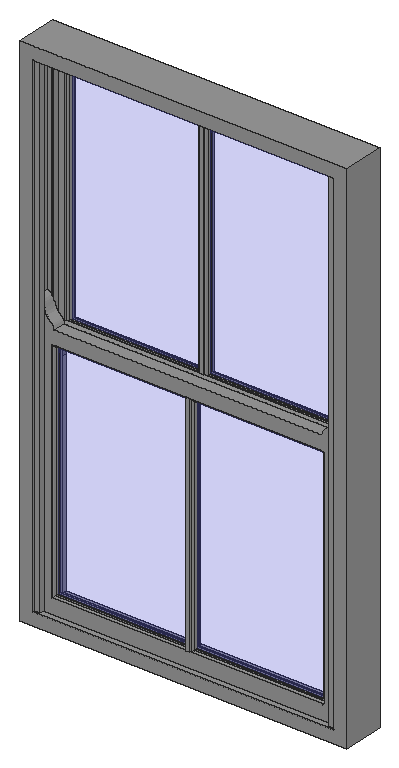
Revit family "HMEL4V", category Windows, host Wall, Revit 2015
Parameters (values of type "HMEL4V")
  Height = 1750 mm
  Default Lintel Height = 2100 mm
  Wall Closure = By host
  Width = 1100 mm
Reference planes
  plane 1 "Center (Front/Back)": y = 0
  plane 2 "Center (Left/Right)": x = 0
  plane 3 "Left": x = -550
  plane 4 "Right": x = 550
  plane 5 "Sill": z = 350
  plane 6 "Head": z = 2100
  plane 7 "Exterior": y = 100
  plane 8 "Interior": y = -100
  plane 9: y = -28.5
  plane 10: y = 23.5
  plane 11: z = 1225
  plane 12: z = 1253.5
  plane 13: z = 1196.5
Forms (mm)
  Sweep 1, solid, material "Lauan, Meranti"
    path origin (-10500, 23.5, 2100) x (0, 0, -1) y (-1, 0, 0)
      loop
        line (0, -11050) -> (1750, -11050) -> (1750, -9950) -> (0, -9950) -> (0, -11050)
    profile origin (0, 23.5, 2100) x (0, 0, 1) y (0, 1, 0)
      loop
        line (0, 46.5) -> (-42, 46.5) -> (-42, -93.5) -> (0, -93.5) -> (0, 46.5)
  Extrusion 2, solid, material "Lauan, Meranti"
    sketch origin (-10450, 7.5, 1687.5) x (0, 0, -1) y (-1, 0, 0)
      loop
        line (491, -10901) -> (491, -10958) -> (576, -10958)
        spline (576, -10958) -> (568.022, -10945.331) -> (558.494, -10938.581) -> (548.752, -10935.386) -> (540.116, -10933.399) -> (533.202, -10931.197) -> (527.644, -10928.636) -> (523.005, -10925.669) -> (518.783, -10922.149) -> (514.297, -10917.644) -> (508.83, -10911.691) -> (501.472, -10905.147) -> (491, -10901)
      loop
        spline (491, -9999) -> (501.472, -9994.853) -> (508.83, -9988.309) -> (514.297, -9982.356) -> (518.783, -9977.851) -> (523.005, -9974.331) -> (527.644, -9971.364) -> (533.202, -9968.803) -> (540.116, -9966.601) -> (548.752, -9964.614) -> (558.494, -9961.419) -> (568.022, -9954.669) -> (576, -9942)
        line (576, -9942) -> (491, -9942) -> (491, -9999)
    from 0 to 42
  Extrusion 3, solid, material "Lauan, Meranti"
    sketch origin (-10450, -49.5, 762.5) x (0, 0, 1) y (1, 0, 0)
      loop
        spline (491, 10901) -> (501.472, 10905.147) -> (508.83, 10911.691) -> (514.297, 10917.644) -> (518.783, 10922.149) -> (523.005, 10925.669) -> (527.644, 10928.636) -> (533.202, 10931.197) -> (540.116, 10933.399) -> (548.752, 10935.386) -> (558.494, 10938.581) -> (568.022, 10945.331) -> (576, 10958)
        line (576, 10958) -> (491, 10958) -> (491, 10901)
      loop
        line (491, 9999) -> (491, 9942) -> (576, 9942)
        spline (576, 9942) -> (568.022, 9954.669) -> (558.494, 9961.419) -> (548.752, 9964.614) -> (540.116, 9966.601) -> (533.202, 9968.803) -> (527.644, 9971.364) -> (523.005, 9974.331) -> (518.783, 9977.851) -> (514.297, 9982.356) -> (508.83, 9988.309) -> (501.472, 9994.853) -> (491, 9999)
    from 0 to 42
  Extrusion 4, solid, material "Lauan, Meranti"
    sketch origin (-350, 0, -425) x (0, -1, 0) y (0, 0, 1)
      loop
        line (7.5, 1678.5) -> (-7.5, 1678.5) -> (-7.5, 1659.5) -> (-4.5, 1659.5) -> (-4.5, 1656.5) -> (7.5, 1656.5) -> (7.5, 1672) -> (0.5, 1672) -> (0.5, 1675) -> (7.5, 1675) -> (7.5, 1678.5)
    from 136 to -836
  Sweep 5, solid, material "Lauan, Meranti"
    path origin (-10573.682, 31, 1966.635) x (0, 0, -1) y (-1, 0, 0)
      loop
        line (-91.365, -11081.682) -> (770.135, -11081.682) -> (770.135, -10065.682) -> (-91.365, -10065.682) -> (-91.365, -11081.682)
    profile origin (0, 31, 2058) x (0, 0, 1) y (0, 1, 0)
      loop
        line (-48, 18.5) -> (-48, -6.5) -> (-57, -6.5) -> (-57, -14.499) -> (-53.996, -14.499)
        arc (-53.996, -14.499) -> (-52.238, -18.744) -> (-47.994, -20.502) r 6.002
        line (-47.994, -20.502) -> (-47.994, -23.5) -> (0, -23.5) -> (0, 18.5) -> (-48, 18.5)
  Sweep 6, solid, material "Lauan, Meranti"
    path origin (-10580.679, 16, 1764.851) x (0, 0, -1) y (-1, 0, 0)
      loop
        line (511.351, -11088.679) -> (1372.851, -11088.679) -> (1372.851, -10072.679) -> (511.351, -10072.679) -> (511.351, -11088.679)
    profile origin (0, 16, 1253.5) x (0, 0, 1) y (0, 1, 0)
      loop
        line (0, -65.5) -> (0, -23.5) -> (-48, -23.5) -> (-48, -48.5) -> (-57, -48.5) -> (-57, -56.499) -> (-53.996, -56.499)
        arc (-53.996, -56.499) -> (-52.238, -60.744) -> (-47.994, -62.502) r 6.002
        line (-47.994, -62.502) -> (-47.994, -65.5) -> (0, -65.5)
  Extrusion 7, solid, material "Lauan, Meranti"
    sketch origin (0, -31, -878.798) x (1, 0, 0) y (0, 1, 0)
      loop
        line (-6.5, 23.5) -> (-6.5, -1.5) -> (-15.5, -1.5) -> (-15.5, -9.5) -> (-12.5, -9.5)
        arc (-12.5, -9.5) -> (-10.743, -13.743) -> (-6.5, -15.5) r 6
        line (-6.5, -15.5) -> (-6.5, -18.5) -> (6.5, -18.5) -> (6.5, -15.5)
        arc (6.5, -15.5) -> (10.743, -13.743) -> (12.5, -9.5) r 6
        line (12.5, -9.5) -> (15.5, -9.5) -> (15.5, -1.5) -> (6.5, -1.5) -> (6.5, 23.5) -> (-6.5, 23.5)
    from 1318.792 to 2084.304
  Extrusion 8, solid, material "Lauan, Meranti"
    sketch origin (0, 26, 224.162) x (1, 0, 0) y (0, 1, 0)
      loop
        line (-6.5, 23.5) -> (-6.5, -1.5) -> (-15.5, -1.5) -> (-15.5, -9.5) -> (-12.5, -9.5)
        arc (-12.5, -9.5) -> (-10.743, -13.743) -> (-6.5, -15.5) r 6
        line (-6.5, -15.5) -> (-6.5, -18.5) -> (6.5, -18.5) -> (6.5, -15.5)
        arc (6.5, -15.5) -> (10.743, -13.743) -> (12.5, -9.5) r 6
        line (12.5, -9.5) -> (15.5, -9.5) -> (15.5, -1.5) -> (6.5, -1.5) -> (6.5, 23.5) -> (-6.5, 23.5)
    from 1020.338 to 1785.838
  Extrusion 9, solid, material "Lauan, Meranti"
    sketch origin (-4.429, 187.242, 731.33) x (1, 0, 0) y (0, 1, 0)
      loop
        line (490.429, -194.742) -> (493.929, -194.742) -> (493.929, -187.742) -> (496.929, -187.742) -> (496.929, -194.742) -> (512.429, -194.742) -> (512.429, -182.742) -> (509.429, -182.742) -> (509.429, -179.742) -> (490.429, -179.742) -> (490.429, -194.742)
      loop
        line (490.429, -236.742) -> (490.429, -251.742) -> (509.429, -251.742) -> (509.429, -248.742) -> (512.429, -248.742) -> (512.429, -236.742) -> (496.929, -236.742) -> (496.929, -243.742) -> (493.929, -243.742) -> (493.929, -236.742) -> (490.429, -236.742)
      loop
        line (-481.571, -194.742) -> (-481.571, -179.742) -> (-500.571, -179.742) -> (-500.571, -182.742) -> (-503.571, -182.742) -> (-503.571, -194.742) -> (-488.071, -194.742) -> (-488.071, -187.742) -> (-485.071, -187.742) -> (-485.071, -194.742) -> (-481.571, -194.742)
      loop
        line (-481.571, -236.742) -> (-485.071, -236.742) -> (-485.071, -243.742) -> (-488.071, -243.742) -> (-488.071, -236.742) -> (-503.571, -236.742) -> (-503.571, -248.742) -> (-500.571, -248.742) -> (-500.571, -251.742) -> (-481.571, -251.742) -> (-481.571, -236.742)
    from -339.33 to 1326.67
  Sweep 10, solid, material "Lauan, Meranti"
    path origin (62.387, 92.5, -1011.794) x (1, 0, 0) y (0, 0, 1)
      loop
        line (397.613, 2217.3) -> (-55.887, 2217.3) -> (-55.887, 1451.787) -> (397.613, 1451.787) -> (397.613, 2217.3)
    profile origin (233.25, 92.5, 1205.506) x (0, 0, -1) y (0, -1, 0)
      loop
        arc (0, 110.6) -> (4.67, 112.234) -> (7, 116.6) r 6.807
        line (7, 116.6) -> (9, 116.6) -> (9, 118.6) -> (0, 118.6) -> (0, 110.6)
  Sweep 11, solid, material "Lauan, Meranti"
    path origin (-123.498, 107.5, -533.619) x (1, 0, 0) y (0, 0, 1)
      loop
        line (583.498, 2543.619) -> (129.998, 2543.619) -> (129.998, 1778.119) -> (583.498, 1778.119) -> (583.498, 2543.619)
    profile origin (233.25, 107.5, 2010) x (0, 0, -1) y (0, -1, 0)
      loop
        arc (0, 68.6) -> (4.67, 70.234) -> (7, 74.6) r 6.807
        line (7, 74.6) -> (9, 74.6) -> (9, 76.6) -> (0, 76.6) -> (0, 68.6)
  Extrusion 12, solid, material "Glass"
    sketch origin (-10784.413, -32.5, 1290.188) x (0, 0, -1) y (-1, 0, 0)
      loop
        line (84.682, -11244.42) -> (850.195, -11244.42) -> (850.195, -10790.913) -> (84.682, -10790.913) -> (84.682, -11244.42)
      loop
        line (84.682, -10777.913) -> (850.195, -10777.913) -> (850.195, -10324.407) -> (84.682, -10324.407) -> (84.682, -10777.913)
    from 0 to 6.4
  Extrusion 13, solid, material "Glass"
    sketch origin (-10707.76, 24.5, 1854.156) x (0, 0, -1) y (-1, 0, 0)
      loop
        line (-155.844, -11167.76) -> (609.656, -11167.76) -> (609.656, -10714.26) -> (-155.844, -10714.26) -> (-155.844, -11167.76)
      loop
        line (-155.844, -10701.26) -> (609.656, -10701.26) -> (609.656, -10247.76) -> (-155.844, -10247.76) -> (-155.844, -10701.26)
    from 0 to 6.4
  Sweep 14, solid, material "Lauan, Meranti"
    path origin (-62.387, 92.5, -1011.794) x (-1, 0, 0) y (0, 0, -1)
      loop
        line (397.613, -2217.3) -> (397.613, -1451.787) -> (-55.887, -1451.787) -> (-55.887, -2217.3) -> (397.613, -2217.3)
    profile origin (-233.25, 92.5, 1205.506) x (0, 0, 1) y (0, -1, 0)
      loop
        line (0, 110.6) -> (0, 118.6) -> (-9, 118.6) -> (-9, 116.6) -> (-7, 116.6)
        arc (-7, 116.6) -> (-4.67, 112.234) -> (0, 110.6) r 6.807
  Sweep 15, solid, material "Lauan, Meranti"
    path origin (123.498, 107.5, -533.619) x (-1, 0, 0) y (0, 0, -1)
      loop
        line (583.498, -2543.619) -> (583.498, -1778.119) -> (129.998, -1778.119) -> (129.998, -2543.619) -> (583.498, -2543.619)
    profile origin (-233.25, 107.5, 2010) x (0, 0, 1) y (0, -1, 0)
      loop
        line (0, 68.6) -> (0, 76.6) -> (-9, 76.6) -> (-9, 74.6) -> (-7, 74.6)
        arc (-7, 74.6) -> (-4.67, 70.234) -> (0, 68.6) r 6.807
Cuts and joins
  joined: Extrusion 2, Sweep 5
  joined: Extrusion 3, Sweep 6
Lines and regions (mm)
  Opening 1
    outline origin (3500, -100, 0) x (1, 0, 0) y (0, 0, 1)
      loop
        line (-2950, 350) -> (-2950, 2100) -> (-4050, 2100) -> (-4050, 350) -> (-2950, 350)
  model lines
    curve 1: line (508, 49.5, 2058) -> (0, 49.5, 1196.5)
    curve 2: line (-508, 49.5, 2058) -> (0, 49.5, 1196.5)
    curve 3: line (-238.25, -7.5, 557.422) -> (-238.25, -7.5, 957.422)
    curve 4: line (-238.25, -7.5, 1096.5) -> (-182.059, -7.5, 957.422)
    curve 5: line (-182.059, -7.5, 957.422) -> (-294.441, -7.5, 957.422)
    curve 6: line (-238.25, -7.5, 1096.5) -> (-294.441, -7.5, 957.422)
Text (mm)
  text "EXTERIOR" at (-1963.203, 1332.353, 0), in view "Ref. Level"
  text "INTERIOR" at (-1981.466, -818.386, 0), in view "Ref. Level"
  text "Exterior" at (0, 923.751, 2943.296), in view "Right"
  text "Exterior" at (0, 1040.484, 2685.409), in view "Left"
Dimensions and locks
  equal spacing: plane 3 "Left", plane 2 "Center (Left/Right)", plane 4 "Right"
  "Width": plane 3 "Left" to plane 4 "Right"
  "Height": plane 5 "Sill" to plane 6 "Head"
  "Default Lintel Height": plane 6 "Head" to level
  locked: plane 7 "Exterior" to host wall at 0
  locked: plane 8 "Interior" to host wall
  locked: plane 10 to plane 9 at 52
  plane 3 "Left" to plane 4 "Right" = 1100 mm
  aligned and locked: Sweep 1 sketch curve to host wall  (x4)
  aligned and locked: Sweep 6 sketch curve to Sweep 1  (x3)
  aligned and locked: Sweep 6 sketch curve to plane 12
  aligned and locked: Extrusion 4 to Extrusion 9  (x2)
  aligned and locked: Extrusion 9 to Sweep 1  (x2)
  aligned and locked: Extrusion 7 to Sweep 6  (x2)
  aligned and locked: Extrusion 12 sketch curve to Extrusion 12 sketch curve  (x2)
  aligned and locked: Sweep 10 sketch curve to Sweep 6  (x3)
  aligned and locked: Sweep 10 sketch curve to Extrusion 7
  aligned and locked: Extrusion 12 to Sweep 6  (x4)
  aligned and locked: Extrusion 12 to Extrusion 7  (x2)
  aligned and locked: Sweep 5 sketch curve to plane 13
  aligned and locked: Sweep 1 to Sweep 5 sketch curve
  aligned and locked: Sweep 5 sketch curve to Sweep 1  (x2)
  aligned and locked: Extrusion 8 to Sweep 5  (x2)
  aligned and locked: Sweep 11 sketch curve to Sweep 5  (x3)
  aligned and locked: Sweep 11 sketch curve to Extrusion 8
  aligned and locked: Extrusion 13 to Sweep 5  (x3)
  aligned and locked: Extrusion 13 sketch curve to Extrusion 13 sketch curve
  aligned and locked: Extrusion 13 sketch curve to Sweep 5  (x2)
  aligned and locked: Extrusion 13 sketch curve to Extrusion 8  (x2)
Automatic sketch dimensions
  plane 3 "Left" to Opening 1 sketch curve = 0 mm
  plane 4 "Right" to Opening 1 sketch curve = 0 mm
  Opening 1 sketch curve to plane 5 "Sill" = 0 mm
  Opening 1 sketch curve to plane 6 "Head" = 0 mm
  profile plane to Sweep 1 sketch curve = 0 mm
  profile plane to Sweep 1 sketch curve = 42 mm
  Sweep 1 sketch curve to plane 10 = 93.5 mm
  plane 10 to Sweep 1 sketch curve = 46.5 mm
  plane 2 "Center (Left/Right)" to curve 1 = 0 mm
  curve 1 to plane 13 = 0 mm
  curve 2 to plane 3 "Left" = 42 mm
  plane 4 "Right" to curve 1 = 42 mm
  plane 6 "Head" to curve 2 = 42 mm
  plane 6 "Head" to curve 1 = 42 mm
  plane 13 to curve 4 = 100 mm
  curve 4 to curve 4 = 139.078 mm
  curve 6 to plane 3 "Left" = 255.559 mm
  curve 5 to curve 4 = 56.191 mm
  curve 5 to curve 5 = 112.382 mm
  curve 3 to plane 5 "Sill" = 207.422 mm
  curve 3 to curve 4 = 56.191 mm
  Extrusion 2 sketch curve to plane 13 = 0 mm  (x2)
  Extrusion 2 sketch curve to plane 3 "Left" = 42 mm
  Extrusion 2 sketch curve to Extrusion 2 sketch curve = 85 mm  (x2)
  plane 4 "Right" to Extrusion 2 sketch curve = 42 mm
  Extrusion 2 sketch curve to Extrusion 2 sketch curve = 57 mm  (x2)
  Extrusion 3 sketch curve to plane 12 = 0 mm  (x2)
  Extrusion 3 sketch curve to plane 3 "Left" = 42 mm
  plane 12 to Extrusion 3 sketch curve = 85 mm  (x2)
  plane 4 "Right" to Extrusion 3 sketch curve = 42 mm
  Extrusion 3 sketch curve to Extrusion 3 sketch curve = 57 mm  (x2)
  Extrusion 4 sketch curve to plane 12 = 0 mm
  Extrusion 4 sketch curve to host wall = 7.5 mm
  Extrusion 4 sketch curve to Extrusion 4 sketch curve = 3 mm  (x2)
  host wall to Extrusion 4 sketch curve = 0.5 mm
  Extrusion 4 sketch curve to Extrusion 4 sketch curve = 7 mm
  host wall to Extrusion 4 sketch curve = 7.5 mm
  Extrusion 4 sketch curve to plane 12 = 3.5 mm
  plane 11 to Extrusion 4 sketch curve = 9.5 mm
  plane 11 to Extrusion 4 sketch curve = 6.5 mm
  profile plane to Sweep 5 sketch curve = 0 mm
  Sweep 5 sketch curve to profile plane = 23.5 mm
  profile plane to Sweep 5 sketch curve = 47.994 mm
  Sweep 5 sketch curve to Sweep 5 sketch curve = 0.006 mm
  Sweep 5 sketch curve to Sweep 5 sketch curve = 6.002 mm
  Sweep 5 sketch curve to Sweep 5 sketch curve = 3.004 mm
  Sweep 5 sketch curve to Sweep 5 sketch curve = 2.998 mm
  Sweep 5 sketch curve to profile plane = 6.5 mm
  profile plane to Sweep 5 sketch curve = 18.5 mm
  profile plane to Sweep 6 sketch curve = 0 mm
  profile plane to Sweep 6 sketch curve = 47.994 mm
  Sweep 6 sketch curve to Sweep 6 sketch curve = 0.006 mm
  Sweep 6 sketch curve to Sweep 6 sketch curve = 6.002 mm
  Sweep 6 sketch curve to Sweep 6 sketch curve = 3.004 mm
  Sweep 6 sketch curve to profile plane = 65.5 mm
  Sweep 6 sketch curve to Sweep 6 sketch curve = 2.998 mm
  Sweep 6 sketch curve to Sweep 6 sketch curve = 7.999 mm
  Sweep 6 sketch curve to profile plane = 23.5 mm
  plane 2 "Center (Left/Right)" to Extrusion 7 sketch curve = 15.5 mm
  Extrusion 7 sketch curve to Extrusion 7 sketch curve = 3 mm  (x3)
  plane 2 "Center (Left/Right)" to Extrusion 7 sketch curve = 6.5 mm  (x2)
  Extrusion 7 sketch curve to plane 2 "Center (Left/Right)" = 6.5 mm  (x2)
  Extrusion 7 sketch curve to Extrusion 7 sketch curve = 6 mm
  Extrusion 7 sketch curve to plane 9 = 4 mm  (x2)
  Extrusion 7 sketch curve to Extrusion 7 sketch curve = 8 mm
  Extrusion 7 sketch curve to plane 9 = 12 mm
  host wall to Extrusion 7 sketch curve = 7.5 mm
  Extrusion 8 sketch curve to plane 10 = 7 mm
  plane 2 "Center (Left/Right)" to Extrusion 8 sketch curve = 15.5 mm
  Extrusion 8 sketch curve to Extrusion 8 sketch curve = 3 mm  (x3)
  plane 10 to Extrusion 8 sketch curve = 1 mm  (x2)
  plane 2 "Center (Left/Right)" to Extrusion 8 sketch curve = 6.5 mm  (x2)
  Extrusion 8 sketch curve to plane 2 "Center (Left/Right)" = 6.5 mm  (x2)
  Extrusion 8 sketch curve to Extrusion 8 sketch curve = 6 mm
  Extrusion 8 sketch curve to host wall = 10.5 mm
  Extrusion 8 sketch curve to Extrusion 8 sketch curve = 25 mm
  Extrusion 9 sketch curve to plane 3 "Left" = 42 mm  (x2)
  host wall to Extrusion 9 sketch curve = 7.5 mm  (x2)
  Extrusion 9 sketch curve to Extrusion 9 sketch curve = 3 mm  (x11)
  Extrusion 9 sketch curve to Extrusion 9 sketch curve = 15.5 mm  (x2)
  host wall to Extrusion 9 sketch curve = 0.5 mm  (x2)
  Extrusion 9 sketch curve to Extrusion 9 sketch curve = 3.5 mm  (x4)
  plane 4 "Right" to Extrusion 9 sketch curve = 64 mm
  Extrusion 9 sketch curve to plane 9 = 21 mm
  Extrusion 9 sketch curve to Extrusion 9 sketch curve = 0 mm  (x4)
  Extrusion 9 sketch curve to Extrusion 9 sketch curve = 12.5 mm  (x2)
  Extrusion 9 sketch curve to host wall = 4.5 mm  (x2)
  Extrusion 9 sketch curve to Extrusion 9 sketch curve = 7 mm  (x2)
  Extrusion 9 sketch curve to plane 9 = 28 mm
  Extrusion 9 sketch curve to Extrusion 9 sketch curve = 5 mm  (x2)
  Extrusion 9 sketch curve to Extrusion 9 sketch curve = 12 mm
  Extrusion 9 sketch curve to host wall = 7.5 mm
  Sweep 10 sketch curve to profile plane = 0 mm
  Sweep 10 sketch curve to profile plane = 0.241 mm
  Sweep 10 sketch curve to Sweep 10 sketch curve = 6.759 mm
  Sweep 10 sketch curve to Sweep 10 sketch curve = 2 mm  (x2)
  profile plane to Sweep 10 sketch curve = 110.6 mm
  Sweep 10 sketch curve to Sweep 10 sketch curve = 6 mm
  Sweep 11 sketch curve to profile plane = 0 mm
  Sweep 11 sketch curve to profile plane = 0.241 mm
  Sweep 11 sketch curve to Sweep 11 sketch curve = 6.759 mm
  Sweep 11 sketch curve to Sweep 11 sketch curve = 2 mm  (x2)
  profile plane to Sweep 11 sketch curve = 68.6 mm
  Sweep 11 sketch curve to Sweep 11 sketch curve = 6 mm
  plane 2 "Center (Left/Right)" to Sweep 14 sketch curve = 6.5 mm
  Sweep 14 sketch curve to plane 3 "Left" = 90 mm
  Sweep 14 sketch curve to plane 13 = 9.006 mm
  Sweep 14 sketch curve to plane 5 "Sill" = 89.994 mm
  profile plane to Sweep 14 sketch curve = 0 mm
  profile plane to Sweep 14 sketch curve = 0.241 mm
  Sweep 14 sketch curve to Sweep 14 sketch curve = 6.759 mm
  Sweep 14 sketch curve to Sweep 14 sketch curve = 2 mm  (x2)
  profile plane to Sweep 14 sketch curve = 110.6 mm
  Sweep 14 sketch curve to Sweep 14 sketch curve = 6 mm
  plane 2 "Center (Left/Right)" to Sweep 15 sketch curve = 6.5 mm
  Sweep 15 sketch curve to plane 12 = 9 mm
  Sweep 15 sketch curve to plane 3 "Left" = 90 mm
  plane 6 "Head" to Sweep 15 sketch curve = 90 mm
  profile plane to Sweep 15 sketch curve = 0 mm
  profile plane to Sweep 15 sketch curve = 0.241 mm
  Sweep 15 sketch curve to Sweep 15 sketch curve = 6.759 mm
  Sweep 15 sketch curve to Sweep 15 sketch curve = 2 mm  (x2)
  profile plane to Sweep 15 sketch curve = 68.6 mm
  Sweep 15 sketch curve to Sweep 15 sketch curve = 6 mm
  plane 6 "Head" to Extrusion 13 sketch curve = 90 mm  (x2)
  Extrusion 13 sketch curve to plane 12 = 9 mm
  Extrusion 12 sketch curve to plane 13 = 9.006 mm
  Extrusion 12 sketch curve to plane 5 "Sill" = 89.994 mm
  plane 4 "Right" to Extrusion 12 sketch curve = 89.994 mm
  Extrusion 12 sketch curve to plane 2 "Center (Left/Right)" = 6.5 mm
  plane 2 "Center (Left/Right)" to Extrusion 12 sketch curve = 6.5 mm
  Extrusion 12 sketch curve to plane 3 "Left" = 89.994 mm
